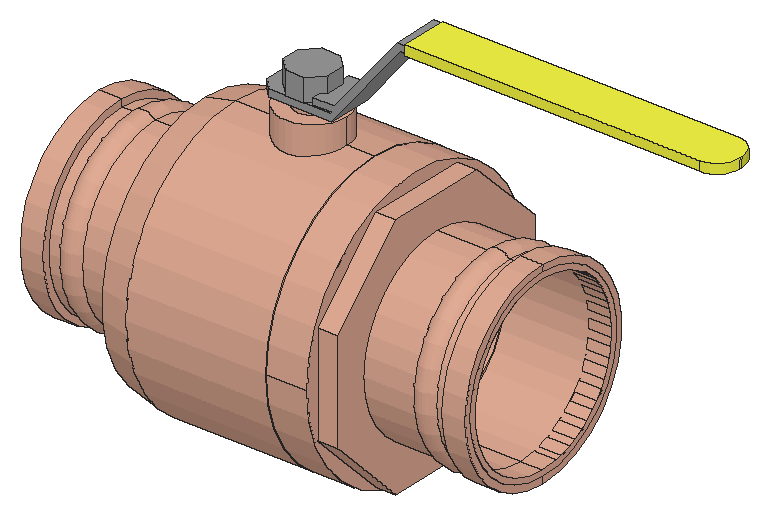
Revit family "430XLLHK-Ball-Valve", category Pipe Accessories, Revit 2018
Family settings
  Round Connector Dimension = Use Diameter
  Part Type = Valve - Breaks Into
  OmniClass Number = 23.60.30.11.14
  OmniClass Title = Pipework Fittings
  Work Plane-Based = No
  Always vertical = Yes
  Cut with Voids When Loaded = No
  Shared = No
Parameters
  X8 [instance] = size_lookup(LookupTable, "X8", 0.000", Nominal Diameter)  # 1.080"
  X6_Half [instance] = X6 / 2  # 0.270"
  Weight [instance] = size_lookup(LookupTable, "Weight", "NA", Nominal Diameter)  # "24.54"
  URL = "http://www.fnw.com"
  Standards Lookup Table = "Standards"  # constant formula
  R4 [instance] = size_lookup(LookupTable, "R4", 0.000", Nominal Diameter)  # 2.943"
  Product ID Handle [instance] = size_lookup(LookupTable, "ProductIDHandle", "NA", Nominal Diameter)  # "3289657"
  Product ID [instance] = size_lookup(LookupTable, "ProductID", "NA", Nominal Diameter)  # "3625629"
  Pipe Diameter [instance] = size_lookup(Standards Lookup Table, "copper", 0.000", Nominal Diameter)  # 4.125"
  Part Number Handle [instance] = size_lookup(LookupTable, "PartNumberHandle", "NA", Nominal Diameter)  # "FNW420LHKP"
  Part Number [instance] = size_lookup(LookupTable, "PartNumber", "NA", Nominal Diameter)  # "FNW430XLP"
  PIpe Radius [instance] = Pipe Diameter / 2  # 2.0625"
  Manufacturer = "FNW"  # constant formula
  Insert [instance] = size_lookup(LookupTable, "insert", 0.000", Nominal Diameter)  # 2.560"
  Description BOM Handle [instance] = size_lookup(LookupTable, "Description_BOMHandle", "NA", Nominal Diameter)  # "4 Locking Handle Kit 420/421 BV"
  Description BOM [instance] = size_lookup(LookupTable, "Description_BOM", "NA", Nominal Diameter)  # "Not For Potable Use 4 XL Brass PXP Full Port BV Water"
  D5 Half [instance] = D5 / 2  # 2.345"
  D5 [instance] = size_lookup(LookupTable, "D5", 0.000", Nominal Diameter)  # 4.690"
  D3_Half [instance] = D3 / 2  # 0.65625"
  1_Z2 [instance] = size_lookup(LookupTable, "1_Z2", 0.000", Nominal Diameter)  # 0.1644"
  1_Z1 [instance] = size_lookup(LookupTable, "1_Z1", 0.000", Nominal Diameter)  # 2.08435"
  Z3 [instance] = size_lookup(LookupTable, "Z3", 0.000", Nominal Diameter)  # 0.54688"
  Z2 [instance] = size_lookup(LookupTable, "Z2", 0.000", Nominal Diameter)  # 4.020"
  Z1 [instance] = size_lookup(LookupTable, "Z1", 0.000", Nominal Diameter)  # 3.8556"
  1_Y1 [instance] = size_lookup(LookupTable, "1_Y1", 0.000", Nominal Diameter)  # 1.080"
  1_X4 [instance] = size_lookup(LookupTable, "1_X4", 0.000", Nominal Diameter)  # 0.8922"
  1_X1 [instance] = size_lookup(LookupTable, "1_X1", 0.000", Nominal Diameter)  # 1.7844"
  1_X3 [instance] = size_lookup(LookupTable, "1_X3", 0.000", Nominal Diameter)  # 10.240"
  X7 [instance] = size_lookup(LookupTable, "X7", 0.000", Nominal Diameter)  # 5.120"
  X6 [instance] = size_lookup(LookupTable, "X6", 0.000", Nominal Diameter)  # 0.540"
  X5 [instance] = size_lookup(LookupTable, "X5", 0.000", Nominal Diameter)  # 0.4875"
  X4 [instance] = size_lookup(LookupTable, "X4", 0.000", Nominal Diameter)  # 0.975"
  X3 [instance] = size_lookup(LookupTable, "X3", 0.000", Nominal Diameter)  # 3.33883"
  X2 [instance] = size_lookup(LookupTable, "X2", 0.000", Nominal Diameter)  # 0.70867"
  1_X2 [instance] = size_lookup(LookupTable, "1_X2", 0.000", Nominal Diameter)  # 1.56326"
  X1 [instance] = size_lookup(LookupTable, "X1", 0.000", Nominal Diameter)  # 2.560"
  Show Lever Clearance [instance] = no
  R3 [instance] = size_lookup(LookupTable, "R3", 0.000", Nominal Diameter)  # 3.270"
  R2 [instance] = size_lookup(LookupTable, "R2", 0.000", Nominal Diameter)  # 3.1065"
  R1_Diam [instance] = R1 * 2  # 4.365"
  R1 [instance] = size_lookup(LookupTable, "R1", 0.000", Nominal Diameter)  # 2.1825"
  Nominal Radius [instance] = Nominal Diameter / 2  # 2.000"
  Nominal Diameter [instance] = 4.000"
  LookupTable = "430XLLHK-Ball-Valve"  # constant formula
  HexAngle1 [instance] = 135.00°  # constant formula
  D3 [instance] = size_lookup(LookupTable, "D3", 0.000", Nominal Diameter)  # 1.3125"
  D2 [instance] = size_lookup(LookupTable, "D2", 0.000", Nominal Diameter)  # 0.875"
  D1 [instance] = size_lookup(LookupTable, "D1", 0.000", Nominal Diameter)  # 1.620"
Reference planes (in)
  plane 1 "Center (Front/Back)": y = 0
  plane 2: z = 0
  plane 3 "Center (Left/Right)": x = 0
  plane 4 "X7 End": x = -5.12
  plane 5 "D1 Top": z = 3.8556
  plane 6 "D2 Top": z = 4.02
  plane 7: x = -2.56
  plane 8: x = -1.85133
  plane 9: x = 1.4875
  plane 10 "Face EXT": x = 2.4625
  plane 11: x = 2.95
  plane 12 "R3 Top": z = 3.27
  plane 13 "R2 Top": z = 3.1065
  plane 14 "R1 Top": z = 2.1825
  plane 15 "Pipe radius": z = 2.0625
  plane 16 "NPT": x = -2.56
  plane 17 "NPT 2": x = 2.4625
  plane 18: x = 5.51
  plane 19 "X61": x = -5.12
  plane 20: x = -4.58
  plane 21 "X62": x = 4.97
  plane 22: x = 5.51
  plane 23: z = 4.1844
  plane 24: x = 5.24
  plane 25: x = -4.85
  plane 26: z = 4.73128
  plane 27: z = 2.345
  plane 28: x = -2.56
  plane 29: x = 2.95
  plane 30: x = -4.04
  plane 31: x = -4.31
  plane 32: x = -3.77
  plane 33: x = 4.43
  plane 34: x = 4.16
  plane 35: x = 4.7
Forms (in)
  Extrusion 1, solid, material "Copper_01"
    sketch origin (0, 0, 0) x (1, 0, 0) y (0, 1, 0)
      loop
        circle (0, 0) r 0.4375
    from 3.8556 to 4.02
  Extrusion 2, solid, material "Copper_01"
    sketch origin (0, 0, 0) x (0, 1, 0) y (0, 0, 1)
      loop
        circle (0, 0) r 3.27
      loop
        circle (0, 0) r 2.0625
    from 1.4875 to 2.4625
  Extrusion 3, solid, material "Copper_01"
    sketch origin (0, 0, 2.0625) x (-1, 0, 0) y (0, -1, 0)
      loop
        circle (0, 0) r 0.81
    from 0 to 1.7931
  Extrusion 4, solid, material "Copper_01", not visible
    sketch origin (-2.56, 0, 0) x (0, 0, 1) y (0, -1, 0)
      loop
        circle (0, 0) r 2
    from 0 to 5.51
  Extrusion 5, solid, material "Copper_01"
    sketch origin (-2.56, 0, 0) x (0, 0, 1) y (0, -1, 0)
      loop
        circle (0, 0) r 2.1825
      loop
        circle (0, 0) r 2.0625
    from -2.56 to 0
  Extrusion 6, solid, material "Copper_01"
    sketch origin (2.4625, 0, 0) x (0, 0, 1) y (0, -1, 0)
      loop
        line (-1.21903, -2.943) -> (1.21903, -2.943) -> (2.943, -1.21903) -> (2.943, 1.21903) -> (1.21903, 2.943) -> (-1.21903, 2.943) -> (-2.943, 1.21903) -> (-2.943, -1.21903) -> (-1.21903, -2.943)
      loop
        circle (0, 0) r 2.0625
    from 0 to 0.4875
  Revolve 7, solid, material "Copper_01"
    sketch origin (0, 0, 0) x (1, 0, 0) y (0, 0, 1)
      loop
        line (1.4875, 2.0625) -> (1.4875, 3.27) -> (-1.84763, 3.27) -> (-2.56, 3.1065) -> (-2.56, 2.0625) -> (1.4875, 2.0625)
      axis (-2.56, 0) -> (1.4875, 0)
    angle from 0 to 360
  Revolve 8, solid, material "Copper_01"
    sketch origin (0, 0, 0) x (1, 0, 0) y (0, 0, 1)
      loop
        line (-5.12, 2.345) -> (-5.12, 2.0625) -> (-4.58, 2.0625) -> (-4.58, 2.345) -> (-5.12, 2.345)
      axis (-5.12, 0) -> (-4.58, 0)
    angle from 0 to 360
  Revolve 9, solid, material "Copper_01"
    sketch origin (0, 0, 0) x (1, 0, 0) y (0, 0, 1)
      loop
        line (4.97, 2.345) -> (4.97, 2.0625) -> (5.51, 2.0625) -> (5.51, 2.345) -> (4.97, 2.345)
      axis (4.97, 0) -> (5.51, 0)
    angle from 0 to 360
  Extrusion 10, solid, material "Copper_01"
    sketch origin (-2.56, 0, 0) x (0, 0, 1) y (0, -1, 0)
      loop
        circle (0, 0) r 2.1825
      loop
        circle (0, 0) r 2.0625
    from 5.51 to 8.07
  Revolve 11, solid, material "Copper_01"
    sketch origin (0, 0, 0) x (1, 0, 0) y (0, 0, 1)
      loop
        line (-4.31, 2.1825) -> (-3.77, 2.1825)
        arc (-3.77, 2.1825) -> (-4.04, 2.30316) -> (-4.31, 2.1825) r 0.36241
      loop
        line (4.16, 2.1825) -> (4.7, 2.1825)
        arc (4.7, 2.1825) -> (4.43, 2.30316) -> (4.16, 2.1825) r 0.36241
      axis (-4.31, 0) -> (4.7, 0)
    angle from 0 to 360
Dimensions and locks (in)
  "X7": plane 4 "X7 End" to plane 3 "Center (Left/Right)"
  "Z1": plane 5 "D1 Top" to plane 2
  "Z2": plane 6 "D2 Top" to plane 2
  "X1": plane 4 "X7 End" to plane 7
  "X2": plane 8 to plane 7
  "X3": plane 9 to plane 8
  "X4": plane 10 "Face EXT" to plane 9
  "X5": plane 11 to plane 10 "Face EXT"
  "R3": plane 12 "R3 Top" to plane 2
  "R2": plane 13 "R2 Top" to plane 2
  "R1": plane 14 "R1 Top" to plane 2
  "PIpe Radius": plane 15 "Pipe radius" to plane 2
  "X1": plane 4 "X7 End" to plane 16 "NPT"
  "X5": plane 11 to plane 17 "NPT 2"
  "X1": plane 18 to plane 11
  "R4": Extrusion 6 sketch curve to plane 1 "Center (Front/Back)"
  "R4": plane 1 "Center (Front/Back)" to Extrusion 6 sketch curve  (x5)
  "R4": plane 2 to Extrusion 6 sketch curve  (x2)
  "1_Z2": plane 23 to plane 6 "D2 Top"
  equal spacing: plane 20, plane 25, plane 19 "X61"
  equal spacing: plane 22, plane 24, plane 21 "X62"
  "X6": plane 22 to plane 21 "X62"
  "X6": plane 20 to plane 19 "X61"
  "X6_Half": plane 4 "X7 End" to plane 25
  "Z3": plane 26 to plane 23
  "D5 Half": plane 27 to plane 2
  "X6_Half": plane 24 to plane 18
  "Insert": plane 29 to plane 18
  "Insert": plane 28 to plane 4 "X7 End"
  plane 14 "R1 Top" to plane 15 "Pipe radius" = 0.120"
  equal spacing: plane 31, plane 30, plane 32
  "X6": plane 31 to plane 32
  "X8": plane 4 "X7 End" to plane 30
  equal spacing: plane 34, plane 33, plane 35
  "X6": plane 34 to plane 35
  "X8": plane 22 to plane 33
  "D2": diameter of Extrusion 1 sketch curve
  "R3": radius of Extrusion 2 sketch curve
  "PIpe Radius": radius of Extrusion 2 sketch curve
  "D1": diameter of Extrusion 3 sketch curve
  "Nominal Radius": radius of Extrusion 4 sketch curve
  "R1": radius of Extrusion 5 sketch curve
  "PIpe Radius": radius of Extrusion 5 sketch curve
  "PIpe Radius": radius of Extrusion 6 sketch curve
  "R1": radius of Extrusion 10 sketch curve
  "PIpe Radius": radius of Extrusion 10 sketch curve
  angle Extrusion 6 sketch curve to Extrusion 6 sketch curve = 135.00°  (x7)
  aligned and locked: plane 2 to level
  aligned and locked: Extrusion 1 to plane 5 "D1 Top"
  aligned and locked: plane 6 "D2 Top" to Extrusion 1
  aligned and locked: Extrusion 2 to plane 9
  aligned and locked: Extrusion 2 to plane 10 "Face EXT"
  aligned and locked: plane 5 "D1 Top" to Extrusion 3
  aligned and locked: plane 4 "X7 End" to Extrusion 5
  aligned and locked: Revolve 7 sketch curve to level
  aligned and locked: Revolve 8 sketch curve to plane 2
  aligned and locked: Revolve 9 sketch curve to plane 2
  aligned and locked: plane 7 to Extrusion 5
  aligned and locked: Extrusion 10 to plane 11
  aligned and locked: Extrusion 10 to plane 18
  aligned and locked: Extrusion 6 to plane 11
  aligned and locked: Extrusion 4 to plane 28
  aligned and locked: plane 29 to Extrusion 4
  aligned and locked: Revolve 8 sketch curve to plane 27
  aligned and locked: Revolve 8 sketch curve to plane 20
  aligned and locked: Revolve 8 sketch curve to plane 4 "X7 End"
  aligned and locked: plane 27 to Revolve 9 sketch curve
  aligned and locked: plane 21 "X62" to Revolve 9 sketch curve
  aligned and locked: Revolve 9 sketch curve to plane 22
  aligned and locked: plane 15 "Pipe radius" to Revolve 8 sketch curve
  aligned and locked: Revolve 9 sketch curve to plane 15 "Pipe radius"
  aligned and locked: Revolve 11 sketch curve to plane 2
  aligned and locked: Revolve 11 sketch curve to plane 14 "R1 Top"  (x2)
  aligned and locked: plane 32 to Revolve 11 sketch curve
  aligned and locked: plane 31 to Revolve 11 sketch curve
  aligned and locked: plane 34 to Revolve 11 sketch curve
  aligned and locked: plane 35 to Revolve 11 sketch curve
Automatic sketch dimensions
  Revolve 7 sketch curve to plane 7 = 0.000"
  Revolve 7 sketch curve to plane 12 "R3 Top" = 0.000"
  Revolve 7 sketch curve to plane 9 = 0.000"
  Revolve 7 sketch curve to plane 15 "Pipe radius" = 0.000"
  Revolve 7 sketch curve to plane 13 "R2 Top" = 0.000"
  plane 8 to Revolve 7 sketch curve = 0.0037"
  plane 4 "X7 End" to Revolve 7 sketch curve = 0.1481"
  plane 7 to Revolve 7 sketch curve = 0.02483"
  plane 4 "X7 End" to Revolve 8 sketch curve = 1.24841"
  plane 20 to Revolve 8 sketch curve = 0.10444"
  Revolve 9 sketch curve to plane 11 = 0.01599"
  Revolve 9 sketch curve to plane 18 = 1.73101"
  Revolve 11 sketch curve to plane 15 "Pipe radius" = 0.12175"  (x2)
  plane 4 "X7 End" to Revolve 11 sketch curve = 0.52863"
  Revolve 11 sketch curve to plane 32 = 0.19418"
  plane 1 "Center (Front/Back)" to Extrusion 1 sketch curve = 0.000"
  Extrusion 1 sketch curve to plane 3 "Center (Left/Right)" = 0.000"
  Extrusion 2 sketch curve to Extrusion 2 sketch curve = 0.000"  (x2)
  Extrusion 2 sketch curve to level = 0.000"
  Extrusion 2 sketch curve to plane 1 "Center (Front/Back)" = 0.000"
  plane 1 "Center (Front/Back)" to Extrusion 3 sketch curve = 0.000"
  Extrusion 3 sketch curve to plane 3 "Center (Left/Right)" = 0.000"
  Extrusion 4 sketch curve to level = 0.000"
  Extrusion 4 sketch curve to plane 1 "Center (Front/Back)" = 0.000"
  Extrusion 5 sketch curve to Extrusion 5 sketch curve = 0.000"  (x2)
  Extrusion 5 sketch curve to level = 0.000"
  Extrusion 5 sketch curve to plane 1 "Center (Front/Back)" = 0.000"
  Extrusion 6 sketch curve to level = 0.000"
  Extrusion 6 sketch curve to plane 1 "Center (Front/Back)" = 0.000"
  Extrusion 10 sketch curve to Extrusion 10 sketch curve = 0.000"  (x2)
  Extrusion 10 sketch curve to level = 0.000"
  Extrusion 10 sketch curve to plane 1 "Center (Front/Back)" = 0.000"
Nested families (in)
  nested 1: "Nested Lever Lock_430XL" at (0, 0, 4.02), Show Lever Clearance <- "Show Lever Clearance", D3 <- "D3", Z3 <- "Z3", 1_X1 <- "1_X1", 1_X2 <- "1_X2", 1_X4 <- "1_X4", 1_Y1 <- "1_Y1", 1_Z1 <- "1_Z1", 1_Z2 <- "1_Z2", 1_X3 <- "1_X3", Description BOM <- "Description BOM Handle", Part Number <- "Part Number Handle", Product ID <- "Product ID Handle", type "Nested Lever Lock_430XL"
    with Z3 0.54688", Z1_Z2 1.12438", Void_Outer_Radius 0.6025", Void_Outer 1.205", Tab_Width 0.6025", Tab_Height_Center 1.04218", Tab Lock 0.19565", Show Lever Clearance no, Product ID "3289657", Part Number "FNW420LHKP", Lock_Tab_Width 1.330", Hypotenuse_Tab_Center 1.30272", Grip_L3 0.2269", Grip_L2 0.19565", Grip_L1 0.03125", Description BOM "4 Locking Handle Kit 420/421 BV", D3_Half 0.4375", D3 1.3125", Clearance Hieght 6.000", Angle Hex Head 135.00°, Ang_Constraint 39.81°, 1_Z2_Half 0.0822", 1_Z2 0.1644", 1_Z1_Quarter 0.60329", 1_Z1 2.08435", 1_Y1_Half 0.540", 1_Y1 1.080", 1_X6_Half 1.000", 1_X6 1.000", 1_X4 0.8922", 1_X3_and_1__Y1_Half 10.780", 1_X3 10.240", 1_X2_Quarter 0.39082", 1_X2_Half 0.78163", 1_X2 1.56326", 1_X1 1.7844", 0Grip 2.125"
Connectors (in)
  piping at (-2.56, 0, 0), diameter 4, driven by "Nominal Diameter"
    settings: on Extrusion 4, index 1, connector inside diameter 24", connector length 0.000", flow factor 0, pipe flow 0 GPM, pressure drop 0.00 psi, fitting loss kfactor 0, connector angle 0.00°, fixture units 0, engagement length 0.000", angle of deflection 0.00°, flow configuration 0, flow direction 0, fitting loss method 0, system type 7, joint type 0, gender type 0, connector reference index 2, connector utility 0, adjustable connector no, is connector primary yes, connector description ""
  piping at (2.95, 0, 0), diameter 4, driven by "Nominal Diameter"
    settings: on Extrusion 4, index 2, connector inside diameter 24", connector length 0.000", flow factor 0, pipe flow 0 GPM, pressure drop 0.00 psi, fitting loss kfactor 0, connector angle 0.00°, fixture units 0, engagement length 0.000", angle of deflection 0.00°, flow configuration 0, flow direction 0, fitting loss method 0, system type 7, joint type 0, gender type 0, connector reference index 1, connector utility 0, adjustable connector no, is connector primary no, connector description ""
Definition of nested family "Nested Lever Lock_430XL"
  Parameters (values of type "Nested Lever Lock_430A")
    Z3 [instance] = 0.125"
    Z1_Z2 [instance] = ([1_Z1] + [1_Z2]) / 2  # 0.6875"
    Tab_Width [instance] = [1_Y1_Half] + (Grip_L1 * 2)  # 1.0625"
    Tab_Height_Center [instance] = [1_Z1] / 2  # 0.625"
    Tab Lock [instance] = [1_Z2] + 0.03125"  # 0.15625"
    Product ID [instance] = ""
    Part Number [instance] = ""
    Lock_Tab_Width [instance] = [1_Y1] + 0.250"  # 2.250"
    Hypotenuse_Tab_Center [instance] = sqrt(Tab_Height_Center ^ 2 + [1_X2_Half] ^ 2)  # 0.97628"
    Description BOM [instance] = ""
    Angle 2 = 45.00°  # constant formula
    Ang_Constraint [instance] = 39.81°  # constant formula
    1_Z2_Half [instance] = [1_Z2] / 2  # 0.0625"
    1_Z2 [instance] = 0.125"
    1_Z1_Quarter [instance] = [1_Z1] / 4 + ([1_Z2_Half])  # 0.375"
    1_Z1 [instance] = 1.250"
    1_Y1_Half [instance] = [1_Y1] / 2  # 1.000"
    1_Y1 [instance] = 2.000"
    1_X6_Half [instance] = [1_X6]  # 1.000"
    1_X6 [instance] = 1.000"
    1_X2_Quarter [instance] = [1_X2] / 4  # 0.375"
    1_X2_Half [instance] = [1_X2] / 2  # 0.750"
    1_X1 [instance] = 2.500"
    1_X3_and_1__Y1_Half [instance] = [1_X3] + [1_Y1_Half]  # 13.66198"
    1_X3 [instance] = 12.66198"
    1_X2 [instance] = 1.500"
    Void_Outer_Radius [instance] = Void_Outer / 2  # 1.0625"
    Void_Outer [instance] = [1_Y1] + Grip_L1 * 4  # 2.125"
    Show Lever Clearance [instance] = yes
    Grip_L3 [instance] = Grip_L1 + Grip_L2  # 0.1875"
    Grip_L1 [instance] = 0.03125"  # constant formula
    Grip_L2 [instance] = [1_Z2] + Grip_L1  # 0.15625"
    Default Elevation = 48.000"
    D3_Half [instance] = D3 / 3  # 0.23251"
    D3 [instance] = 0.69752"
    Clearance Hieght [instance] = 6.000"  # constant formula
    Angle Hex Head [instance] = 135.00°  # constant formula
    1_X4 [instance] = 1.000"
    0Grip [instance] = 2.125"  # constant formula
  Reference planes (in)
    plane 1 "Center (Front/Back)": y = 0
    plane 2: z = 0
    plane 3 "Center (Left/Right)": x = 0
    plane 4: z = 0.125
    plane 5: x = -1
    plane 6: x = 12.66198
    plane 7: y = 1
    plane 8: y = -1
    plane 9: x = 1.5
    plane 10: x = 3
    plane 11: z = 1.375
    plane 12: z = 1.25
    plane 13: z = 0.25
    plane 14: z = 1.40625
    plane 15: z = 1.21875
    plane 16: x = 3.15625
    plane 17: y = 1.03125
    plane 18: y = -1.03125
    plane 19: z = -1.125
    plane 20: y = 0.5
    plane 21: y = -0.5
    plane 22: x = -1.125
    plane 23: x = 2.25
    plane 24: x = 1.875
    plane 25: x = 0.23251
    plane 26: z = 0.28125
  Forms (in)
    Extrusion 1, solid
      sketch origin (0, 0, 0) x (1, 0, 0) y (0, 1, 0)
        loop
          line (-48, 48) -> (-48, -48) -> (48, -48) -> (48, 48) -> (-48, 48)
      from 0 to -12
    Extrusion 2, solid
      sketch origin (0, 0, 0) x (1, 0, 0) y (0, 0, 1)
        loop
          line (1.64878, 0.28125) -> (0.23251, 0.28125) -> (0.23251, 0.16925) -> (1.5, 0.16925) -> (1.5, 0) -> (3.04425, 1.25) -> (4.15625, 1.25) -> (4.15625, 1.375) -> (3, 1.375) -> (1.64878, 0.28125)
      from -1 to 1
    Extrusion 3, solid
      sketch origin (0, 0, 0) x (1, 0, 0) y (0, 1, 0)
        loop
          line (1, 0.41421) -> (0.41421, 1) -> (-0.41421, 1) -> (-1, 0.41421) -> (-1, -0.41421) -> (-0.41421, -1) -> (0.41421, -1) -> (1, -0.41421) -> (1, 0.41421)
      from 0.125 to 0.25
    Extrusion 4, solid
      sketch origin (0, 0, 0) x (1, 0, 0) y (0, 1, 0)
        loop
          line (11.66198, 1.03125) -> (3.15625, 1.03125) -> (3.15625, -1.03125) -> (11.66198, -1.03125)
          arc (11.66198, -1.03125) -> (12.36908, -0.73836) -> (12.66198, -0.03125) r 1
          line (12.66198, -0.03125) -> (12.66198, 0.03125)
          arc (12.66198, 0.03125) -> (12.36908, 0.73836) -> (11.66198, 1.03125) r 1
      from 1.21875 to 1.40625
    Extrusion 5, solid, visible <- "Show Lever Clearance"
      sketch origin (0, 0, 0) x (1, 0, 0) y (0, 1, 0)
        loop
          line (-1, 1) -> (-1, -12.66198)
          arc (-1, -12.66198) -> (8.66048, -8.66048) -> (12.66198, 1) r 13.66198
          line (12.66198, 1) -> (-1, 1)
      from 0 to 6 <- "Clearance Hieght"
    Extrusion 6, solid
      sketch origin (0, 0, 0) x (1, 0, 0) y (0, 1, 0)
        loop
          line (1.5, -1) -> (1.5, 1) -> (-0.5, 1) -> (-1, 0.5) -> (-1, -0.5) -> (-0.5, -1) -> (1.5, -1)
      from 0 to 0.125
  Cuts and joins
    joined: Extrusion 2, Extrusion 6
  Lines and regions (in)
    reference lines
      curve 1: line (0, 0, 3.39657) -> (0, 0, -1.625)
  Dimensions and locks (in)
    "1_Z2": plane 4 to plane 2
    "1_X4": plane 3 "Center (Left/Right)" to plane 5
    "1_X3": plane 6 to plane 3 "Center (Left/Right)"
    equal spacing: plane 7, plane 1 "Center (Front/Back)", plane 8
    "1_Y1": plane 7 to plane 8
    "1_X1": plane 9 to plane 5
    "1_X2": plane 10 to plane 9
    "1_Z1": plane 11 to plane 4
    "1_Z2": plane 11 to plane 12
    equal spacing: Extrusion 3 sketch curve, curve 1, Extrusion 3 sketch curve  (x4)
    "1_Y1": Extrusion 3 sketch curve to Extrusion 3 sketch curve  (x4)
    "Z3": plane 13 to plane 4
    "Grip_L1": plane 14 to plane 11
    "Grip_L2": plane 11 to plane 15
    "Grip_L2": plane 16 to plane 10
    "Grip_L1": plane 8 to plane 18
    "Grip_L1": plane 17 to plane 7
    "1_Y1_Half": plane 16 to Extrusion 2
    "1_X3_and_1__Y1_Half": Extrusion 5 sketch curve to Extrusion 5 sketch curve  (x2)
    equal spacing: Extrusion 6 sketch curve, plane 1 "Center (Front/Back)", Extrusion 6 sketch curve
    "1_Y1_Half": Extrusion 6 sketch curve to Extrusion 6 sketch curve
    equal spacing: plane 21, plane 1 "Center (Front/Back)", plane 20
    "1_Y1_Half": plane 21 to plane 20
    "1_Z2": plane 5 to plane 22
    "1_X2_Half": plane 23 to plane 9
    "1_X2_Quarter": plane 24 to plane 9
    "D3_Half": plane 25 to plane 3 "Center (Left/Right)"
    "1_Z2": Extrusion 2 sketch curve to Extrusion 2 sketch curve
    "Tab Lock": plane 26 to plane 4
    "1_Y1_Half": radius of Extrusion 4 sketch curve  (x2)
    "1_X3_and_1__Y1_Half": radius of Extrusion 5 sketch curve
    "Angle Hex Head": angle Extrusion 3 sketch curve to Extrusion 3 sketch curve  (x6)
    "Angle 2": angle plane 5 to Extrusion 6 sketch curve
    "Angle 2": angle Extrusion 6 sketch curve to plane 5
    aligned and locked: plane 2 to Extrusion 1
    aligned and locked: level to Extrusion 1
    aligned and locked: plane 10 to Extrusion 2 sketch curve
    aligned and locked: plane 12 to Extrusion 2 sketch curve
    aligned and locked: plane 11 to Extrusion 2 sketch curve
    aligned and locked: curve 1 to plane 3 "Center (Left/Right)"
    aligned and locked: plane 4 to Extrusion 3
    aligned and locked: Extrusion 3 to plane 13
    aligned and locked: Extrusion 4 sketch curve to plane 16
    aligned and locked: Extrusion 4 sketch curve to plane 18
    aligned and locked: plane 17 to Extrusion 4 sketch curve
    aligned and locked: Extrusion 4 to plane 15
    aligned and locked: Extrusion 4 to plane 14
    aligned and locked: Extrusion 2 to plane 8
    aligned and locked: plane 7 to Extrusion 2
    aligned and locked: Extrusion 2 sketch curve to plane 9
    aligned and locked: plane 9 to Extrusion 6 sketch curve
    aligned and locked: Extrusion 6 sketch curve to plane 5
    aligned and locked: Extrusion 6 to plane 4
    aligned and locked: Extrusion 2 sketch curve to plane 25
    aligned and locked: Extrusion 2 to plane 26
  Automatic sketch dimensions
    Extrusion 1 sketch curve to Extrusion 1 sketch curve = 96.000"  (x2)
    plane 19 to curve 1 = 0.500"
    plane 14 to curve 1 = 1.99032"
    Extrusion 2 sketch curve to plane 26 = 0.000"
    Extrusion 2 sketch curve to level = 0.000"
    plane 16 to Extrusion 2 sketch curve = 1.000"
    Extrusion 2 sketch curve to plane 4 = 0.04425"
    Extrusion 4 sketch curve to plane 6 = 0.000"
    Extrusion 5 sketch curve to plane 5 = 0.000"
    Extrusion 5 sketch curve to plane 7 = 0.000"
    Extrusion 6 sketch curve to plane 8 = 0.000"
    Extrusion 6 sketch curve to plane 7 = 0.000"
